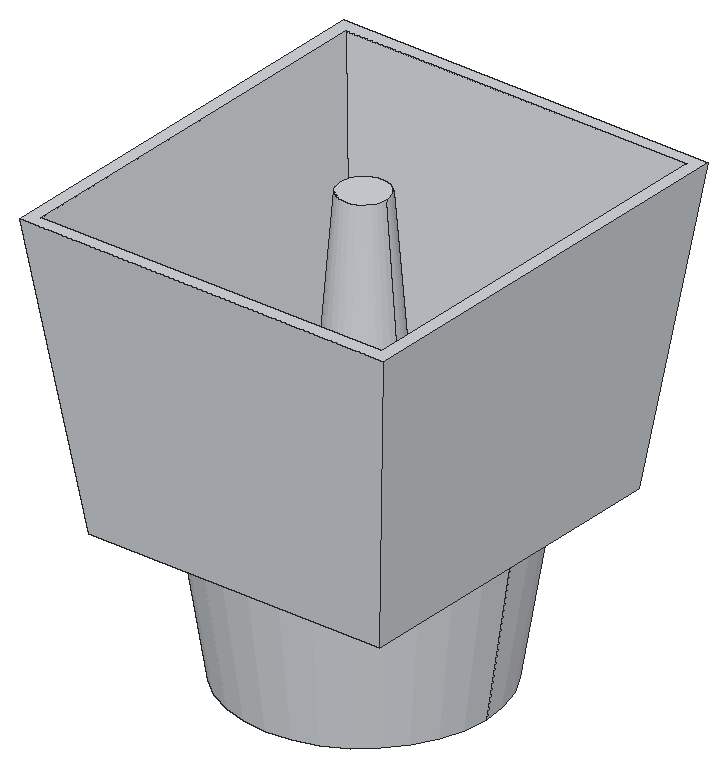
Revit family "a63174ea1d384cd3bb7fa23d11a619ed", category Fire Alarm Devices, host Face, Revit 2021
Family settings
  Host = Face
  Maintain Annotation Orientation = Yes
  Round Connector Dimension = Use Diameter
  Part Type = Normal
  OmniClass Number = 23.85.10.11.11.14
  OmniClass Title = Sirens
  Seek Item ID = Speaker Horn - Electric Horn-0000-USA-ENU
  Cut with Voids When Loaded = No
  Shared = No
  Room Calculation Point = No
Parameters (values of type "Standard")
  Width 1 = Siren Width * 0.8  # 0' - 7"
  Radius 3 = Radius 2 - 0' 0 1/2"  # 0' - 2.65"
  Radius 1 = Siren Width * 0.4  # 0' - 3 1/2"
  Radius 2 = if(Siren Width > Siren Length, Siren Length * 0.4, Siren Width * 0.4)  # 0' - 3.15"
  Length 1 = Siren Length * 0.8  # 0' - 6.3"
  Height 1 = Siren Height / 3  # 0' - 3.10417"
  Default Elevation = 4' - 0"
  Siren Width = 0' - 8 3/4"
  Siren Material = none
  Siren Length = 0' - 7 7/8"
  Siren Height = 0' - 9 5/16"
Reference planes (in)
  plane 1 "Center (Front/Back)": y = 0
  plane 2: z = 0
  plane 3 "Center (Left/Right)": x = 0
  plane 4: x = -3.9375
  plane 5: x = 3.9375
  plane 6: z = 9.3125
  plane 7: y = 4.375
  plane 8: y = -4.375
  plane 9: y = 4.125
  plane 10: y = -4.125
  plane 11: x = -3.6875
  plane 12: x = 3.6875
  plane 13: x = -3.15
  plane 14: x = 3.15
  plane 15: y = 3.5
  plane 16: y = -3.5
  plane 17: y = 3.25
  plane 18: y = -3.25
  plane 19: x = -2.9
  plane 20: x = 2.9
  plane 21: z = 3.35417
  plane 22: z = 3.10417
  plane 23: x = -3.15
  plane 24: x = 3.15
Forms (in)
  Blend 1, solid, material <- "Siren Material"
    base sketch origin (0, 0, 0) x (1, 0, 0) y (0, 1, 0)
      loop
        line (-3.15, 3.5) -> (-3.15, -3.5) -> (3.15, -3.5) -> (3.15, 3.5) -> (-3.15, 3.5)
    top sketch origin (0, 0, 0) x (1, 0, 0) y (0, 1, 0)
      loop
        line (-3.9375, 4.375) -> (-3.9375, -4.375) -> (3.9375, -4.375) -> (3.9375, 4.375) -> (-3.9375, 4.375)
    from 3.10417 to 9.3125
  Blend 2, void
    base sketch origin (0, 0, 0) x (1, 0, 0) y (0, 1, 0)
      loop
        line (-2.9, 3.25) -> (-2.9, -3.25) -> (2.9, -3.25) -> (2.9, 3.25) -> (-2.9, 3.25)
    top sketch origin (0, 0, 0) x (1, 0, 0) y (0, 1, 0)
      loop
        line (-3.6875, 4.125) -> (-3.6875, -4.125) -> (3.6875, -4.125) -> (3.6875, 4.125) -> (-3.6875, 4.125)
    from 3.35417 to 9.3125
  Blend 3, solid, material <- "Siren Material"
    base sketch origin (0, 0, 0) x (1, 0, 0) y (0, 1, 0)
      loop
        circle (0, 0) r 2.65
    top sketch origin (0, 0, 0) x (1, 0, 0) y (0, 1, 0)
      loop
        circle (0, 0) r 3.15
    from 0 to 3.10417
  Blend 4, solid, material <- "Siren Material"
    base sketch origin (0, 0, 0) x (1, 0, 0) y (0, 1, 0)
      loop
        circle (0, 0) r 1
    top sketch origin (0, 0, 0) x (1, 0, 0) y (0, 1, 0)
      loop
        circle (0, 0) r 0.5
    from 3.16667 to 9.3125
Cuts and joins
  Blend 2 cuts Blend 1
Lines and regions (in)
  symbolic lines, detail levels fine
    curve 1: line (3.9375, 0, 9.3125) -> (-3.9375, 0, 9.3125)
    curve 2: line (3.15, 0, 3.10417) -> (3.9375, 0, 9.3125)
    curve 3: line (-3.9375, 0, 9.3125) -> (-3.15, 0, 3.10417)
    curve 4: line (-3.15, 0, 3.10417) -> (3.15, 0, 3.10417)
    curve 5: line (-2.65, 0, 0) -> (2.65, 0, 0)
    curve 6: line (-2.65, 0, 0) -> (-3.15, 0, 3.10417)
    curve 7: line (2.65, 0, 0) -> (3.15, 0, 3.10417)
Dimensions and locks (in)
  equal spacing: plane 4, plane 3 "Center (Left/Right)", plane 5
  "Siren Length": plane 4 to plane 5
  "Siren Height": plane 6 to plane 2
  equal spacing: plane 7, plane 1 "Center (Front/Back)", plane 8
  "Siren Width": plane 7 to plane 8
  locked: plane 4 to plane 11 at 0.25
  locked: plane 12 to plane 5 at 0.25
  locked: plane 7 to plane 9 at 0.25
  locked: plane 10 to plane 8 at 0.25
  equal spacing: plane 13, plane 3 "Center (Left/Right)", plane 14
  "Length 1": plane 13 to plane 14
  equal spacing: plane 15, plane 1 "Center (Front/Back)", plane 16
  "Width 1": plane 15 to plane 16
  locked: plane 15 to plane 17 at 0.25
  locked: plane 18 to plane 16 at 0.25
  locked: plane 13 to plane 19 at 0.25
  locked: plane 20 to plane 14 at 0.25
  "Height 1": plane 22 to plane 2
  locked: plane 21 to plane 22 at 0.25
  "Radius 2": plane 3 "Center (Left/Right)" to plane 23
  "Radius 2": plane 24 to plane 3 "Center (Left/Right)"
  "Radius 3": radius of Blend 3 sketch curve
  "Radius 2": radius of Blend 3 sketch curve
  aligned and locked: plane 2 to host face
  aligned and locked: level to host face
  aligned and locked: plane 13 to Blend 1 sketch curve
  aligned and locked: Blend 1 sketch curve to plane 15
  aligned and locked: plane 16 to Blend 1 sketch curve
  aligned and locked: Blend 1 sketch curve to plane 14
  aligned and locked: plane 4 to Blend 1 sketch curve
  aligned and locked: Blend 1 sketch curve to plane 7
  aligned and locked: plane 8 to Blend 1 sketch curve
  aligned and locked: Blend 1 sketch curve to plane 5
  aligned and locked: plane 19 to Blend 2 sketch curve
  aligned and locked: Blend 2 sketch curve to plane 17
  aligned and locked: plane 18 to Blend 2 sketch curve
  aligned and locked: Blend 2 sketch curve to plane 20
  aligned and locked: plane 11 to Blend 2 sketch curve
  aligned and locked: Blend 2 sketch curve to plane 9
  aligned and locked: plane 10 to Blend 2 sketch curve
  aligned and locked: Blend 2 sketch curve to plane 12
  aligned and locked: plane 6 to Blend 1
  aligned and locked: plane 6 to Blend 2
  aligned and locked: Blend 3 to plane 2
  aligned and locked: plane 1 "Center (Front/Back)" to Blend 4 sketch curve  (x2)
  aligned and locked: plane 3 "Center (Left/Right)" to Blend 4 sketch curve  (x2)
  aligned and locked: plane 6 to Blend 4
  aligned and locked: Blend 2 to plane 21
  aligned and locked: cut or joined group of Blend 1, Blend 2 to plane 22
  aligned and locked: plane 22 to Blend 3
  aligned and locked: curve 1 to cut or joined group of Blend 1, Blend 2
  aligned and locked: curve 2 to cut or joined group of Blend 1, Blend 2
  aligned and locked: curve 3 to cut or joined group of Blend 1, Blend 2
  aligned and locked: plane 1 "Center (Front/Back)" to Blend 3 sketch curve  (x2)
  aligned and locked: plane 3 "Center (Left/Right)" to Blend 3 sketch curve  (x2)
  aligned and locked: plane 1 "Center (Front/Back)" to nested 1
  aligned and locked: plane 3 "Center (Left/Right)" to nested 1
  aligned and locked: curve 4 to cut or joined group of Blend 1, Blend 2
  aligned and locked: curve 5 to Blend 3
  aligned and locked: curve 6 to Blend 3
  aligned and locked: curve 7 to Blend 3
  aligned and locked: plane 23 to curve 6
  aligned and locked: plane 24 to curve 7
Automatic sketch dimensions
  host sketch curve to host sketch curve = 8' - 0"  (x2)
  radius of Blend 4 sketch curve = 0' - 1"
  radius of Blend 4 sketch curve = 0' - 0 1/2"
Nested families (in)
  nested 1: "Horn Annotation" at (0, 0, 0), type "Horn Annotation", detail levels coarse+medium
Connectors (in)
  electrical at (0, 0, 0)
    settings: on Blend 3, index 1, voltage 0 V, apparent load 0 VA, apparent load phase1 0 VA, apparent load phase2 0 VA, apparent load phase3 0 VA, power factor 1, load classification "Other", number of poles 1, system type 11, power factor state 1, is connector primary yes, connector utility no, sub classification motor no, connector description ""
Definition of nested family "Horn Annotation"
  Parameters
    Label Annotation = "AIM"
  Reference planes (in)
    plane 1: y = 0
    plane 2: x = 0
  Lines and regions (in)
    reference lines
      curve 1: line (-0.125, 1.21278, 0) -> (-0.125, -0.18568, 0)
      curve 2: line (0, 1.42732, 0) -> (0, -0.18568, 0)
      curve 3: line (-0.26347, 0.125, 0) -> (0.40962, 0.125, 0)
      curve 8: line (0.0625, 0.24779, 0) -> (0.0625, -0.14868, 0)
      curve 9: line (-0.38863, 0.0625, 0) -> (0.82867, 0.0625, 0)
      curve 10: line (-0.03066, 0.10938, 0) -> (0.33631, 0.10938, 0)
      curve 11: line (-0.04395, 0.01563, 0) -> (0.3496, 0.01563, 0)
    detail lines
      curve 4: line (-0.125, 0.125, 0) -> (0, 0.125, 0)
      curve 5: line (-0.125, 0, 0) -> (-0.125, 0.125, 0)
      curve 6: line (0, 0, 0) -> (-0.125, 0, 0)
      curve 7: line (0, 0.125, 0) -> (0, 0, 0)
      curve 12: line (0.0625, 0.10938, 0) -> (0.0625, 0.01563, 0)
      curve 13: line (0, 0.0625, 0) -> (0.0625, 0.10938, 0)
      curve 14: line (0, 0.0625, 0) -> (0.0625, 0.01563, 0)
  Text (in)
    label "M" at (-0.11877, 0.05593, 0), shows "Label Annotation"
  Dimensions and locks (in)
    locked: plane 1 to curve 3 at 0.125
    curve 2 to curve 8 = 0' - 0 1/16"
    locked: curve 1 to curve 2 at 0.125
    locked: curve 2 to plane 2
    locked: plane 1 to curve 9 at 0.0625
    locked: curve 9 to curve 10 at 0.04688
    locked: curve 11 to curve 9 at 0.04687
    aligned and locked: curve 3 to curve 4
    aligned and locked: curve 2 to curve 7
    aligned and locked: curve 6 to plane 1
    aligned and locked: curve 5 to curve 1
    aligned and locked: curve 10 to curve 12
    aligned and locked: curve 11 to curve 12
    aligned and locked: curve 8 to curve 12
